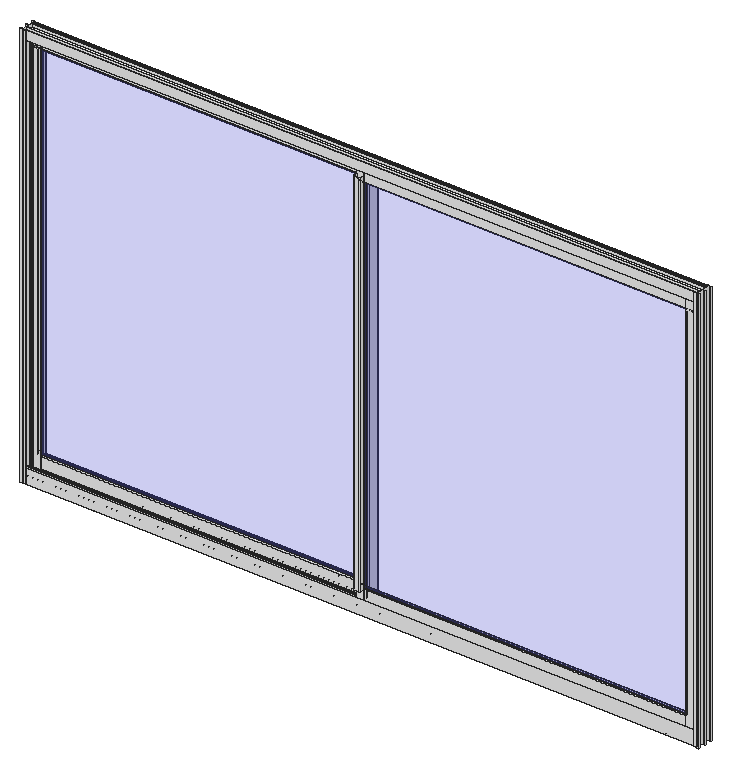
Revit family "Elite_XX_Standard", category Windows, host Wall, Revit 2014 (continued)
Definition of nested family "Elite_Sash_Outer"
  Definition of nested family "Elite_Lock_Stile"
    Automatic sketch dimensions
      Extrusion 1 sketch curve to Extrusion 1 sketch curve = 1.5 mm  (x6)
      Extrusion 1 sketch curve to plane 1 "Center (Front/Back)" = 2.4 mm
      Extrusion 1 sketch curve to Extrusion 1 sketch curve = 19 mm
      Extrusion 1 sketch curve to Extrusion 1 sketch curve = 2 mm
      Extrusion 1 sketch curve to Extrusion 1 sketch curve = 1.2 mm  (x6)
      Extrusion 1 sketch curve to plane 1 "Center (Front/Back)" = 1.2 mm  (x2)
      Extrusion 1 sketch curve to Extrusion 1 sketch curve = 5.2 mm  (x2)
      Extrusion 1 sketch curve to Extrusion 1 sketch curve = 3 mm
      Extrusion 1 sketch curve to Extrusion 1 sketch curve = 20 mm
      Extrusion 1 sketch curve to Extrusion 1 sketch curve = 7 mm  (x2)
      Extrusion 1 sketch curve to Extrusion 1 sketch curve = 4.5 mm  (x2)
      Extrusion 1 sketch curve to Extrusion 1 sketch curve = 0.8 mm  (x2)
  Definition of nested family "Elite_Interlocker"
    Parameters (values of type "Elite_Interlocker")
      Rail Cut Width = 13 mm  # constant formula
      Rail Cut Side Spacing = 5 mm  # constant formula
      Rail Cut Height = 26 mm  # constant formula
      Profile Material [instance] = none
      Length Interlocker [instance] = 250 mm
      Large Cut Height = 55 mm  # constant formula
    Reference planes
      plane 1 "Center (Front/Back)": y = 0
      plane 2: z = 0
      plane 3 "Center (Left/Right)": x = 0
    Forms (mm)
      Extrusion 1, solid, material <- "Profile Material"
        sketch origin (0, 0, 0) x (1, 0, 0) y (0, 1, 0)
          loop
            line (6.916, 36.467) -> (6.916, 6.667) -> (39.416, 6.667) -> (39.416, 9.551) -> (38.416, 9.551) -> (38.416, 8.167) -> (37.116, 8.167) -> (37.116, 9.551) -> (36.116, 9.551) -> (36.116, 8.167) -> (32.916, 8.167) -> (32.916, 15.167) -> (36.116, 15.167) -> (36.116, 13.78) -> (37.116, 13.78) -> (37.116, 15.167) -> (38.416, 15.167) -> (38.416, 13.78) -> (39.416, 13.78) -> (39.416, 25.167)
            arc (39.416, 25.167) -> (38.973, 25.663) -> (38.429, 25.28) r 0.5
            line (38.429, 25.28) -> (36.426, 16.667) -> (32.916, 16.667) -> (32.916, 36.467) -> (31.416, 36.467) -> (31.416, 35.667) -> (24.916, 35.667) -> (24.916, 29.667) -> (26.416, 29.667) -> (26.416, 34.167) -> (31.416, 34.167) -> (31.416, 22.667) -> (19.916, 22.667) -> (8.416, 22.667) -> (8.416, 34.167) -> (13.416, 34.167) -> (13.416, 29.667) -> (14.916, 29.667) -> (14.916, 35.667) -> (8.416, 35.667) -> (8.416, 36.467) -> (6.916, 36.467)
          loop
            line (8.416, 21.167) -> (8.416, 8.167) -> (31.416, 8.167) -> (31.416, 21.167) -> (19.916, 21.167) -> (8.416, 21.167)
        from 0 to 250 <- "Length Interlocker"
      Extrusion 2, void
        sketch origin (14.616, 35.667, 0) x (1, 0, 0) y (0, 0, 1)
          loop
            line (11.8, 250) -> (-1.2, 250) -> (-1.2, 224) -> (11.8, 224) -> (11.8, 250)
          loop
            line (-1.2, 0) -> (11.8, 0) -> (11.8, 26) -> (-1.2, 26) -> (-1.2, 0)
        from 0 to 250
      Extrusion 3, void
        sketch origin (31.316, 35.667, 0) x (1, 0, 0) y (0, 0, 1)
          loop
            line (0.1, 250) -> (-22.9, 250) -> (-22.9, 195) -> (0.1, 195) -> (0.1, 250)
          loop
            line (-22.9, 0) -> (0.1, 0) -> (0.1, 55) -> (-22.9, 55) -> (-22.9, 0)
        from 0 to 25
    Cuts and joins
      Extrusion 2, Extrusion 3 cuts Extrusion 1
    Dimensions and locks
      "Rail Cut Width": Extrusion 2 sketch curve to Extrusion 2 sketch curve  (x2)
      "Rail Cut Side Spacing": Extrusion 2 sketch curve to Extrusion 1  (x2)
      "Rail Cut Height": Extrusion 2 sketch curve to Extrusion 2 sketch curve  (x2)
      "Large Cut Height": Extrusion 3 sketch curve to Extrusion 3 sketch curve  (x2)
      aligned and locked: level to plane 2
      aligned and locked: Extrusion 1 to Extrusion 2 sketch curve  (x2)
      aligned and locked: Extrusion 3 sketch curve to cut or joined group of Extrusion 1, Extrusion 2, Extrusion 3  (x4)
      aligned and locked: cut or joined group of Extrusion 1, Extrusion 2, Extrusion 3 to Extrusion 3 sketch curve  (x2)
    Automatic sketch dimensions
      plane 3 "Center (Left/Right)" to Extrusion 1 sketch curve = 6.916 mm
      plane 3 "Center (Left/Right)" to Extrusion 1 sketch curve = 8.416 mm
      Extrusion 1 sketch curve to Extrusion 1 sketch curve = 1.5 mm  (x11)
      Extrusion 1 sketch curve to Extrusion 1 sketch curve = 0 mm  (x6)
      Extrusion 1 sketch curve to Extrusion 1 sketch curve = 5 mm  (x4)
      Extrusion 1 sketch curve to Extrusion 1 sketch curve = 3.2 mm  (x2)
      Extrusion 1 sketch curve to Extrusion 1 sketch curve = 0.31 mm
      Extrusion 1 sketch curve to Extrusion 1 sketch curve = 1 mm  (x4)
      Extrusion 1 sketch curve to Extrusion 1 sketch curve = 1.3 mm  (x2)
      Extrusion 1 sketch curve to Extrusion 1 sketch curve = 7.013 mm
      Extrusion 1 sketch curve to Extrusion 1 sketch curve = 0.487 mm
      Extrusion 1 sketch curve to plane 1 "Center (Front/Back)" = 6.667 mm
      Extrusion 1 sketch curve to Extrusion 1 sketch curve = 1.384 mm  (x2)
      Extrusion 1 sketch curve to Extrusion 1 sketch curve = 4.229 mm
      Extrusion 1 sketch curve to Extrusion 1 sketch curve = 1.387 mm  (x2)
      Extrusion 1 sketch curve to Extrusion 1 sketch curve = 13 mm
      Extrusion 1 sketch curve to Extrusion 1 sketch curve = 2.5 mm
      Extrusion 1 sketch curve to Extrusion 1 sketch curve = 7 mm  (x2)
      Extrusion 1 sketch curve to Extrusion 1 sketch curve = 4.5 mm  (x2)
      Extrusion 1 sketch curve to Extrusion 1 sketch curve = 0.8 mm  (x2)
  Definition of nested family "Elite_Sash_Top"
    Parameters (values of type "Elite_Sash_Top")
      Profile Material [instance] = none
      Length Sash Top [instance] = 250 mm
    Reference planes
      plane 1 "Center (Front/Back)": y = 0
      plane 2: z = 0
      plane 3 "Center (Left/Right)": x = 0
    Forms (mm)
      Extrusion 1, solid, material <- "Profile Material"
        sketch origin (0, -88.953, -123.01) x (0, 1, 0) y (0, 0, 1)
          loop
            line (92.953, 217.01) -> (95.303, 217.01) -> (95.303, 223.01) -> (93.853, 223.01) -> (93.853, 218.46) -> (92.953, 218.46)
            arc (92.953, 218.46) -> (91.15, 219.207) -> (90.403, 221.01) r 2.55
            line (90.403, 221.01) -> (90.403, 230.06) -> (110.203, 230.06) -> (110.203, 221.01)
            arc (110.203, 221.01) -> (109.456, 219.207) -> (107.653, 218.46) r 2.55
            line (107.653, 218.46) -> (106.753, 218.46) -> (106.753, 223.01) -> (105.303, 223.01) -> (105.303, 217.01) -> (107.653, 217.01)
            arc (107.653, 217.01) -> (110.482, 218.181) -> (111.653, 221.01) r 4
            line (111.653, 221.01) -> (111.653, 271.01) -> (107.403, 271.01) -> (107.403, 268.61) -> (108.603, 268.61) -> (108.603, 269.81) -> (110.203, 269.81) -> (110.203, 262.21) -> (108.603, 262.21) -> (108.603, 263.41) -> (107.403, 263.41) -> (107.403, 261.01) -> (110.203, 261.01) -> (110.203, 231.51) -> (90.403, 231.51) -> (90.403, 261.01) -> (93.203, 261.01) -> (93.203, 263.41) -> (92.003, 263.41) -> (92.003, 262.21) -> (90.403, 262.21) -> (90.403, 269.81) -> (92.003, 269.81) -> (92.003, 268.61) -> (93.203, 268.61) -> (93.203, 271.01) -> (88.953, 271.01) -> (88.953, 221.01)
            arc (88.953, 221.01) -> (90.125, 218.181) -> (92.953, 217.01) r 4
        from 0 to 250 <- "Length Sash Top"
    Dimensions and locks
      aligned and locked: level to plane 2
  Definition of nested family "Elite_Sash_Bottom"
    Parameters (values of type "Elite_Sash_Bottom")
      Profile Material [instance] = none
      Length Sash Bottom [instance] = 250 mm
    Reference planes
      plane 1 "Center (Front/Back)": y = 0
      plane 2: z = 0
      plane 3 "Center (Left/Right)": x = 0
    Forms (mm)
      Extrusion 1, solid, material <- "Profile Material"
        sketch origin (0, -88.953, -123.01) x (0, 1, 0) y (0, 0, 1)
          loop
            arc (92.953, 177.01) -> (90.125, 175.838) -> (88.953, 173.01) r 4
            line (88.953, 173.01) -> (88.953, 123.01) -> (93.203, 123.01) -> (93.203, 125.41) -> (92.003, 125.41) -> (92.003, 124.21) -> (90.403, 124.21) -> (90.403, 131.81) -> (92.003, 131.81) -> (92.003, 130.61) -> (93.203, 130.61) -> (93.203, 133.01) -> (90.403, 133.01) -> (90.403, 162.51) -> (110.203, 162.51) -> (110.203, 133.01) -> (107.403, 133.01) -> (107.403, 130.61) -> (108.603, 130.61) -> (108.603, 131.81) -> (110.203, 131.81) -> (110.203, 124.21) -> (108.603, 124.21) -> (108.603, 125.41) -> (107.403, 125.41) -> (107.403, 123.01) -> (111.653, 123.01) -> (111.653, 173.01)
            arc (111.653, 173.01) -> (110.482, 175.838) -> (107.653, 177.01) r 4
            line (107.653, 177.01) -> (105.303, 177.01) -> (105.303, 171.01) -> (106.753, 171.01) -> (106.753, 175.56) -> (107.653, 175.56)
            arc (107.653, 175.56) -> (109.456, 174.813) -> (110.203, 173.01) r 2.55
            line (110.203, 173.01) -> (110.203, 163.96) -> (90.403, 163.96) -> (90.403, 173.01)
            arc (90.403, 173.01) -> (91.15, 174.813) -> (92.953, 175.56) r 2.55
            line (92.953, 175.56) -> (93.853, 175.56) -> (93.853, 171.01) -> (95.303, 171.01) -> (95.303, 177.01) -> (92.953, 177.01)
        from 0 to 250 <- "Length Sash Bottom"
    Dimensions and locks
      aligned and locked: level to plane 2
  Definition of nested family "Elite_Heavy_Duty_Interlocker_Outside"
    Parameters (values of type "Elite_Heavy_Duty_Interlocker_Outside")
      Side Cut Width = 20 mm  # constant formula
      Side Cut Height Top = 26 mm  # constant formula
      Profile Material [instance] = none
      Length Heavy Duty Interlocker [instance] = 250 mm
      Large Cut Height = 55 mm  # constant formula
      Cut Width = 13 mm  # constant formula
      Cut Side Spacing = 5 mm  # constant formula
      Cut Height = 26 mm  # constant formula
    Reference planes
      plane 1 "Center (Front/Back)": y = 0
      plane 2: z = 0
      plane 3 "Center (Left/Right)": x = 0
    Forms (mm)
      Extrusion 1, solid, material <- "Profile Material"
        sketch origin (0, 0, 0) x (1, 0, 0) y (0, 1, 0)
          loop
            arc (4, 27.5) -> (2.232, 26.768) -> (1.5, 25) r 2.5
            line (1.5, 25) -> (1.5, 4)
            arc (1.5, 4) -> (2.232, 2.232) -> (4, 1.5) r 2.5
            line (4, 1.5) -> (20, 1.5) -> (20, 27.5) -> (4, 27.5)
          loop
            line (21.5, 14.5) -> (21.5, 1.5) -> (33, 1.5) -> (44.5, 1.5) -> (44.5, 14.5) -> (33, 14.5) -> (21.5, 14.5)
          loop
            line (46, 10) -> (46, 29.8) -> (44.5, 29.8) -> (44.5, 29) -> (38, 29) -> (38, 23) -> (39.5, 23) -> (39.5, 27.5) -> (44.5, 27.5) -> (44.5, 16) -> (33, 16) -> (21.5, 16) -> (21.5, 27.5) -> (26.5, 27.5) -> (26.5, 23) -> (28, 23) -> (28, 29) -> (21.5, 29) -> (21.5, 29.8) -> (20, 29.8) -> (20, 29) -> (4, 29)
            arc (4, 29) -> (1.172, 27.828) -> (0, 25) r 4
            line (0, 25) -> (0, 4)
            arc (0, 4) -> (1.172, 1.172) -> (4, 0) r 4
            line (4, 0) -> (52.5, 0) -> (52.5, 2.866) -> (51.5, 2.866) -> (51.5, 1.5) -> (50.2, 1.5) -> (50.2, 2.866) -> (49.2, 2.866) -> (49.2, 1.5) -> (46, 1.5) -> (46, 8.5) -> (49.2, 8.5) -> (49.2, 7.121) -> (50.2, 7.121) -> (50.2, 8.5) -> (51.5, 8.5) -> (51.5, 7.121) -> (52.5, 7.121) -> (52.5, 18.5)
            arc (52.5, 18.5) -> (52.057, 18.997) -> (51.513, 18.613) r 0.5
            line (51.513, 18.613) -> (49.51, 10) -> (46, 10)
        from 0 to 250 <- "Length Heavy Duty Interlocker"
      Extrusion 2, void
        sketch origin (44.4, 29, 0) x (1, 0, 0) y (0, 0, 1)
          loop
            line (-4.9, 250) -> (-17.9, 250) -> (-17.9, 224) -> (-4.9, 224) -> (-4.9, 250)
          loop
            line (-4.9, 0) -> (-4.9, 26) -> (-17.9, 26) -> (-17.9, 0) -> (-4.9, 0)
        from 0 to 250
      Extrusion 3, void
        sketch origin (44.4, 29, 0) x (1, 0, 0) y (0, 0, 1)
          loop
            line (0.1, 250) -> (-22.9, 250) -> (-22.9, 195) -> (0.1, 195) -> (0.1, 250)
          loop
            line (0.1, 0) -> (0.1, 55) -> (-22.9, 55) -> (-22.9, 0) -> (0.1, 0)
        from 0 to 25
      Extrusion 4, void
        sketch origin (19.7, 29, 0) x (1, 0, 0) y (0, 0, 1)
          loop
            line (0.3, 250) -> (-19.7, 250) -> (-19.7, 224) -> (0.3, 224) -> (0.3, 250)
        from 0 to 250
    Cuts and joins
      Extrusion 2, Extrusion 3, Extrusion 4 cuts Extrusion 1
    Dimensions and locks
      "Cut Width": Extrusion 2 sketch curve to Extrusion 2 sketch curve  (x2)
      "Cut Side Spacing": Extrusion 2 sketch curve to Extrusion 1  (x2)
      "Cut Height": Extrusion 2 sketch curve to Extrusion 2 sketch curve  (x2)
      "Large Cut Height": Extrusion 3 sketch curve to Extrusion 3 sketch curve  (x2)
      "Side Cut Width": Extrusion 4 sketch curve to Extrusion 4 sketch curve
      "Side Cut Height Top": Extrusion 4 sketch curve to Extrusion 4 sketch curve
      aligned and locked: level to plane 2
      aligned and locked: Extrusion 2 sketch curve to Extrusion 1
      aligned and locked: Extrusion 1 to Extrusion 2 sketch curve
      aligned and locked: cut or joined group of Extrusion 1, Extrusion 2, Extrusion 3, Extrusion 4 to Extrusion 3 sketch curve  (x2)
      aligned and locked: Extrusion 3 sketch curve to cut or joined group of Extrusion 1, Extrusion 2, Extrusion 3, Extrusion 4  (x4)
      aligned and locked: Extrusion 4 sketch curve to cut or joined group of Extrusion 1, Extrusion 2, Extrusion 3, Extrusion 4
      aligned and locked: cut or joined group of Extrusion 1, Extrusion 2, Extrusion 3, Extrusion 4 to Extrusion 4 sketch curve
    Automatic sketch dimensions
      Extrusion 1 sketch curve to Extrusion 1 sketch curve = 0 mm  (x11)
      Extrusion 1 sketch curve to plane 3 "Center (Left/Right)" = 0 mm
      plane 1 "Center (Front/Back)" to Extrusion 1 sketch curve = 0 mm
      plane 3 "Center (Left/Right)" to Extrusion 1 sketch curve = 1.5 mm
      Extrusion 1 sketch curve to Extrusion 1 sketch curve = 2.5 mm  (x3)
      Extrusion 1 sketch curve to Extrusion 1 sketch curve = 16 mm
      Extrusion 1 sketch curve to Extrusion 1 sketch curve = 1.5 mm  (x10)
      Extrusion 1 sketch curve to Extrusion 1 sketch curve = 5 mm  (x3)
      Extrusion 1 sketch curve to plane 1 "Center (Front/Back)" = 1.5 mm  (x3)
      Extrusion 1 sketch curve to Extrusion 1 sketch curve = 11.5 mm  (x2)
      Extrusion 1 sketch curve to Extrusion 1 sketch curve = 10 mm
      Extrusion 1 sketch curve to Extrusion 1 sketch curve = 3.2 mm  (x2)
      Extrusion 1 sketch curve to plane 1 "Center (Front/Back)" = 10 mm
      Extrusion 1 sketch curve to Extrusion 1 sketch curve = 0.31 mm
      Extrusion 1 sketch curve to Extrusion 1 sketch curve = 1 mm  (x4)
      Extrusion 1 sketch curve to Extrusion 1 sketch curve = 1.3 mm  (x2)
      Extrusion 1 sketch curve to Extrusion 1 sketch curve = 7.013 mm
      Extrusion 1 sketch curve to Extrusion 1 sketch curve = 0.487 mm
      Extrusion 1 sketch curve to Extrusion 1 sketch curve = 1.366 mm
      Extrusion 1 sketch curve to Extrusion 1 sketch curve = 2.879 mm
      Extrusion 1 sketch curve to Extrusion 1 sketch curve = 4.5 mm  (x3)
      Extrusion 1 sketch curve to Extrusion 1 sketch curve = 7 mm  (x2)
      Extrusion 1 sketch curve to Extrusion 1 sketch curve = 9 mm
      Extrusion 1 sketch curve to Extrusion 1 sketch curve = 0.8 mm  (x2)
Types (109, lengths in mm): name | Windload Design | Width Sash Right | Width Sash Left | Standard Interlocker | Sash Width Right | Sash Width Left | Sash Height | Overall Width | Overall Height | Outside Heavy Duty Interlocker | Max Pane Area | Limit Window Width Max | Limit Sash Width Left Min | Limit Sash Width Left Max | Interlocker Configuration | Height Sash | Height | Inside Heavy Duty Interlocker | Glazing Thickness | Width | Custom Window Width | Custom Window Height | Custom Windload | Area Right Sash Glazing | Area Left Sash Glazing
  (no name) | 1000 | 1497.9 | 1497.9 | no | 1497.9 | 1497.9 | 1707 | 2990 | 1790 | yes | 2.31898 m² | 2994.2 | 1495.8 | 1500 | 2 | 1707 | 1790 | yes | 6.4 | 2990 | 2990 | 1790 | 1000 | 2.31898 m² | 2.31898 m²
  Elite-0906XX-1000Pa | 1000 | 447.9 | 447.9 | yes | 447.9 | 447.9 | 507 | 890 | 590 | no | 0.160149 m² | 2994.2 | 300 | 595.8 | 0 | 507 | 590 | no | 4 | 890 | 890 | 590 | 1000 | 0.160149 m² | 0.160149 m²
  Elite-0906XX-1500Pa | 1500 | 447.9 | 447.9 | yes | 447.9 | 447.9 | 507 | 890 | 590 | no | 0.160149 m² | 2994.2 | 300 | 595.8 | 0 | 507 | 590 | no | 4 | 890 | 890 | 590 | 1500 | 0.160149 m² | 0.160149 m²
  Elite-0906XX-2000Pa | 2000 | 447.9 | 447.9 | yes | 447.9 | 447.9 | 507 | 890 | 590 | no | 0.160149 m² | 2994.2 | 300 | 595.8 | 0 | 507 | 590 | no | 4 | 890 | 890 | 590 | 2000 | 0.160149 m² | 0.160149 m²
  Elite-1206XX-1000Pa | 1000 | 447.9 | 447.9 | yes | 597.9 | 597.9 | 507 | 890 | 590 | no | 0.222399 m² | 2994.2 | 300 | 895.8 | 0 | 507 | 590 | no | 4 | 1190 | 1190 | 590 | 1000 | 0.222399 m² | 0.222399 m²
  Elite-1206XX-1500Pa | 1500 | 447.9 | 447.9 | yes | 597.9 | 597.9 | 507 | 890 | 590 | no | 0.222399 m² | 2994.2 | 300 | 895.8 | 0 | 507 | 590 | no | 4 | 1190 | 1190 | 590 | 1500 | 0.222399 m² | 0.222399 m²
  Elite-1206XX-2000Pa | 2000 | 447.9 | 447.9 | yes | 597.9 | 597.9 | 507 | 890 | 590 | no | 0.222399 m² | 2994.2 | 300 | 895.8 | 0 | 507 | 590 | no | 4 | 1190 | 1190 | 590 | 2000 | 0.222399 m² | 0.222399 m²
  Elite-1506XX-1000Pa | 1000 | 447.9 | 447.9 | yes | 747.9 | 747.9 | 507 | 890 | 590 | no | 0.284649 m² | 2994.2 | 300 | 1195.8 | 0 | 507 | 590 | no | 4 | 1490 | 1490 | 590 | 1000 | 0.284649 m² | 0.284649 m²
  Elite-1506XX-1500Pa | 1500 | 447.9 | 447.9 | yes | 747.9 | 747.9 | 507 | 890 | 590 | no | 0.284649 m² | 2994.2 | 300 | 1195.8 | 0 | 507 | 590 | no | 4 | 1490 | 1490 | 590 | 1500 | 0.284649 m² | 0.284649 m²
  Elite-1506XX-2000Pa | 2000 | 447.9 | 447.9 | yes | 747.9 | 747.9 | 507 | 890 | 590 | no | 0.284649 m² | 2994.2 | 300 | 1195.8 | 0 | 507 | 590 | no | 4 | 1490 | 1490 | 590 | 2000 | 0.284649 m² | 0.284649 m²
  Elite-1806XX-1000Pa | 1000 | 447.9 | 447.9 | yes | 897.9 | 897.9 | 507 | 890 | 590 | no | 0.346899 m² | 2994.2 | 300 | 1495.8 | 0 | 507 | 590 | no | 4 | 1790 | 1790 | 590 | 1000 | 0.346899 m² | 0.346899 m²
  Elite-1806XX-1500Pa | 1500 | 447.9 | 447.9 | yes | 897.9 | 897.9 | 507 | 890 | 590 | no | 0.346899 m² | 2994.2 | 300 | 1495.8 | 0 | 507 | 590 | no | 4 | 1790 | 1790 | 590 | 1500 | 0.346899 m² | 0.346899 m²
  Elite-1806XX-2000Pa | 2000 | 447.9 | 447.9 | yes | 897.9 | 897.9 | 507 | 890 | 590 | no | 0.346899 m² | 2994.2 | 300 | 1495.8 | 0 | 507 | 590 | no | 4 | 1790 | 1790 | 590 | 2000 | 0.346899 m² | 0.346899 m²
  Elite-2106XX-1000Pa | 1000 | 447.9 | 447.9 | yes | 1047.9 | 1047.9 | 507 | 890 | 590 | no | 0.409149 m² | 2994.2 | 595.8 | 1500 | 0 | 507 | 590 | no | 4 | 2090 | 2090 | 590 | 1000 | 0.409149 m² | 0.409149 m²
  Elite-2106XX-1500Pa | 1500 | 447.9 | 447.9 | yes | 1047.9 | 1047.9 | 507 | 890 | 590 | no | 0.409149 m² | 2994.2 | 595.8 | 1500 | 0 | 507 | 590 | no | 4 | 2090 | 2090 | 590 | 1500 | 0.409149 m² | 0.409149 m²
  Elite-2106XX-2000Pa | 2000 | 447.9 | 447.9 | yes | 1047.9 | 1047.9 | 507 | 890 | 590 | no | 0.409149 m² | 2994.2 | 595.8 | 1500 | 0 | 507 | 590 | no | 4 | 2090 | 2090 | 590 | 2000 | 0.409149 m² | 0.409149 m²
  Elite-2406XX-1000Pa | 1000 | 447.9 | 447.9 | yes | 1197.9 | 1197.9 | 507 | 890 | 590 | no | 0.471399 m² | 2994.2 | 895.8 | 1500 | 0 | 507 | 590 | no | 4 | 2390 | 2390 | 590 | 1000 | 0.471399 m² | 0.471399 m²
  Elite-2406XX-1500Pa | 1500 | 447.9 | 447.9 | yes | 1197.9 | 1197.9 | 507 | 890 | 590 | no | 0.471399 m² | 2994.2 | 895.8 | 1500 | 0 | 507 | 590 | no | 4 | 2390 | 2390 | 590 | 1500 | 0.471399 m² | 0.471399 m²
  Elite-2406XX-2000Pa | 2000 | 447.9 | 447.9 | yes | 1197.9 | 1197.9 | 507 | 890 | 590 | no | 0.471399 m² | 2994.2 | 895.8 | 1500 | 0 | 507 | 590 | no | 4 | 2390 | 2390 | 590 | 2000 | 0.471399 m² | 0.471399 m²
  Elite-2706XX-1000Pa | 1000 | 447.9 | 447.9 | yes | 1347.9 | 1347.9 | 507 | 890 | 590 | no | 0.533649 m² | 2994.2 | 1195.8 | 1500 | 0 | 507 | 590 | no | 4 | 2690 | 2690 | 590 | 1000 | 0.533649 m² | 0.533649 m²
  Elite-2706XX-1500Pa | 1500 | 447.9 | 447.9 | yes | 1347.9 | 1347.9 | 507 | 890 | 590 | no | 0.533649 m² | 2994.2 | 1195.8 | 1500 | 0 | 507 | 590 | no | 4 | 2690 | 2690 | 590 | 1500 | 0.533649 m² | 0.533649 m²
  Elite-2706XX-2000Pa | 2000 | 447.9 | 447.9 | yes | 1347.9 | 1347.9 | 507 | 890 | 590 | no | 0.533649 m² | 2994.2 | 1195.8 | 1500 | 0 | 507 | 590 | no | 4 | 2690 | 2690 | 590 | 2000 | 0.533649 m² | 0.533649 m²
  Elite-3006XX-1000Pa | 1000 | 447.9 | 447.9 | yes | 1497.9 | 1497.9 | 507 | 890 | 590 | no | 0.595899 m² | 2994.2 | 1495.8 | 1500 | 0 | 507 | 590 | no | 4 | 2990 | 2990 | 590 | 1000 | 0.595899 m² | 0.595899 m²
  Elite-3006XX-1500Pa | 1500 | 447.9 | 447.9 | yes | 1497.9 | 1497.9 | 507 | 890 | 590 | no | 0.595899 m² | 2994.2 | 1495.8 | 1500 | 0 | 507 | 590 | no | 4 | 2990 | 2990 | 590 | 1500 | 0.595899 m² | 0.595899 m²
  Elite-3006XX-2000Pa | 2000 | 1497.9 | 1497.9 | yes | 1497.9 | 1497.9 | 507 | 2990 | 590 | no | 0.595899 m² | 2994.2 | 1495.8 | 1500 | 0 | 507 | 590 | no | 4 | 2990 | 2990 | 590 | 2000 | 0.595899 m² | 0.595899 m²
  Elite-0909XX-1000Pa | 1000 | 447.9 | 447.9 | yes | 447.9 | 447.9 | 807 | 890 | 590 | no | 0.275918 m² | 2994.2 | 300 | 595.8 | 0 | 507 | 890 | no | 4 | 890 | 890 | 890 | 1000 | 0.275918 m² | 0.275918 m²
  Elite-0909XX-1500Pa | 1500 | 447.9 | 447.9 | yes | 447.9 | 447.9 | 807 | 890 | 590 | no | 0.275918 m² | 2994.2 | 300 | 595.8 | 0 | 507 | 890 | no | 4 | 890 | 890 | 890 | 1500 | 0.275918 m² | 0.275918 m²
  Elite-0909XX-2000Pa | 2000 | 447.9 | 447.9 | yes | 447.9 | 447.9 | 807 | 890 | 590 | no | 0.275918 m² | 2994.2 | 300 | 595.8 | 0 | 507 | 890 | no | 4 | 890 | 890 | 890 | 2000 | 0.275918 m² | 0.275918 m²
  Elite-1209XX-1000Pa | 1000 | 447.9 | 447.9 | yes | 597.9 | 597.9 | 807 | 890 | 590 | no | 0.383168 m² | 2994.2 | 300 | 895.8 | 0 | 507 | 890 | no | 4 | 1190 | 1190 | 890 | 1000 | 0.383168 m² | 0.383168 m²
  Elite-1209XX-1500Pa | 1500 | 447.9 | 447.9 | yes | 597.9 | 597.9 | 807 | 890 | 590 | no | 0.383168 m² | 2994.2 | 300 | 895.8 | 0 | 507 | 890 | no | 4 | 1190 | 1190 | 890 | 1500 | 0.383168 m² | 0.383168 m²
  Elite-1209XX-2000Pa | 2000 | 447.9 | 447.9 | yes | 597.9 | 597.9 | 807 | 890 | 590 | no | 0.383168 m² | 2994.2 | 300 | 895.8 | 0 | 507 | 890 | no | 4 | 1190 | 1190 | 890 | 2000 | 0.383168 m² | 0.383168 m²
  Elite-1509XX-1000Pa | 1000 | 447.9 | 447.9 | yes | 747.9 | 747.9 | 807 | 890 | 590 | no | 0.490418 m² | 2994.2 | 300 | 1195.8 | 0 | 507 | 890 | no | 4 | 1490 | 1490 | 890 | 1000 | 0.490418 m² | 0.490418 m²
  Elite-1509XX-1500Pa | 1500 | 447.9 | 447.9 | yes | 747.9 | 747.9 | 807 | 890 | 590 | no | 0.490418 m² | 2994.2 | 300 | 1195.8 | 0 | 507 | 890 | no | 4 | 1490 | 1490 | 890 | 1500 | 0.490418 m² | 0.490418 m²
  Elite-1509XX-2000Pa | 2000 | 447.9 | 447.9 | yes | 747.9 | 747.9 | 807 | 890 | 590 | no | 0.490418 m² | 2994.2 | 300 | 1195.8 | 0 | 507 | 890 | no | 4 | 1490 | 1490 | 890 | 2000 | 0.490418 m² | 0.490418 m²
  Elite-1809XX-1000Pa | 1000 | 447.9 | 447.9 | yes | 897.9 | 897.9 | 807 | 890 | 590 | no | 0.597668 m² | 2994.2 | 300 | 1495.8 | 0 | 507 | 890 | no | 4 | 1790 | 1790 | 890 | 1000 | 0.597668 m² | 0.597668 m²
  Elite-1809XX-1500Pa | 1500 | 447.9 | 447.9 | yes | 897.9 | 897.9 | 807 | 890 | 590 | no | 0.597668 m² | 2994.2 | 300 | 1495.8 | 0 | 507 | 890 | no | 4 | 1790 | 1790 | 890 | 1500 | 0.597668 m² | 0.597668 m²
  Elite-1809XX-2000Pa | 2000 | 447.9 | 447.9 | yes | 897.9 | 897.9 | 807 | 890 | 590 | no | 0.597668 m² | 2994.2 | 300 | 1495.8 | 0 | 507 | 890 | no | 4 | 1790 | 1790 | 890 | 2000 | 0.597668 m² | 0.597668 m²
  Elite-2109XX-1000Pa | 1000 | 447.9 | 447.9 | yes | 1047.9 | 1047.9 | 807 | 890 | 590 | no | 0.704918 m² | 2994.2 | 595.8 | 1500 | 0 | 507 | 890 | no | 4 | 2090 | 2090 | 890 | 1000 | 0.704918 m² | 0.704918 m²
  Elite-2109XX-1500Pa | 1500 | 447.9 | 447.9 | yes | 1047.9 | 1047.9 | 807 | 890 | 590 | no | 0.704918 m² | 2994.2 | 595.8 | 1500 | 0 | 507 | 890 | no | 4 | 2090 | 2090 | 890 | 1500 | 0.704918 m² | 0.704918 m²
  Elite-2109XX-2000Pa | 2000 | 447.9 | 447.9 | yes | 1047.9 | 1047.9 | 807 | 890 | 590 | no | 0.704918 m² | 2994.2 | 595.8 | 1500 | 0 | 507 | 890 | no | 4 | 2090 | 2090 | 890 | 2000 | 0.704918 m² | 0.704918 m²
  Elite-2409XX-1000Pa | 1000 | 447.9 | 447.9 | yes | 1197.9 | 1197.9 | 807 | 890 | 590 | no | 0.812168 m² | 2994.2 | 895.8 | 1500 | 0 | 507 | 890 | no | 4 | 2390 | 2390 | 890 | 1000 | 0.812168 m² | 0.812168 m²
  Elite-2409XX-1500Pa | 1500 | 447.9 | 447.9 | yes | 1197.9 | 1197.9 | 807 | 890 | 590 | no | 0.812168 m² | 2994.2 | 895.8 | 1500 | 0 | 507 | 890 | no | 4 | 2390 | 2390 | 890 | 1500 | 0.812168 m² | 0.812168 m²
  Elite-2409XX-2000Pa | 2000 | 447.9 | 447.9 | yes | 1197.9 | 1197.9 | 807 | 890 | 590 | no | 0.812168 m² | 2994.2 | 895.8 | 1500 | 0 | 507 | 890 | no | 4 | 2390 | 2390 | 890 | 2000 | 0.812168 m² | 0.812168 m²
  Elite-2709XX-1000Pa | 1000 | 447.9 | 447.9 | yes | 1347.9 | 1347.9 | 807 | 890 | 590 | no | 0.919419 m² | 2994.2 | 1195.8 | 1500 | 0 | 507 | 890 | no | 4 | 2690 | 2690 | 890 | 1000 | 0.919418 m² | 0.919419 m²
  Elite-2709XX-1500Pa | 1500 | 447.9 | 447.9 | yes | 1347.9 | 1347.9 | 807 | 890 | 590 | no | 0.919419 m² | 2994.2 | 1195.8 | 1500 | 0 | 507 | 890 | no | 4 | 2690 | 2690 | 890 | 1500 | 0.919418 m² | 0.919419 m²
  Elite-2709XX-2000Pa | 2000 | 447.9 | 447.9 | yes | 1347.9 | 1347.9 | 807 | 890 | 590 | no | 0.919419 m² | 2994.2 | 1195.8 | 1500 | 0 | 507 | 890 | no | 4 | 2690 | 2690 | 890 | 2000 | 0.919418 m² | 0.919419 m²
  Elite-3009XX-1000Pa | 1000 | 447.9 | 447.9 | yes | 1497.9 | 1497.9 | 807 | 890 | 590 | no | 1.02667 m² | 2994.2 | 1495.8 | 1500 | 0 | 507 | 890 | no | 4 | 2990 | 2990 | 890 | 1000 | 1.02667 m² | 1.02667 m²
  Elite-3009XX-1500Pa | 1500 | 447.9 | 447.9 | yes | 1497.9 | 1497.9 | 807 | 890 | 590 | no | 1.02667 m² | 2994.2 | 1495.8 | 1500 | 0 | 507 | 890 | no | 4 | 2990 | 2990 | 890 | 1500 | 1.02667 m² | 1.02667 m²
  Elite-3009XX-2000Pa | 2000 | 1497.9 | 1497.9 | yes | 1497.9 | 1497.9 | 807 | 2990 | 890 | no | 1.02667 m² | 2994.2 | 1495.8 | 1500 | 0 | 807 | 890 | no | 4 | 2990 | 2990 | 890 | 2000 | 1.02667 m² | 1.02667 m²
  Elite-0912XX-1000Pa | 1000 | 447.9 | 447.9 | yes | 447.9 | 447.9 | 1107 | 890 | 590 | no | 0.391688 m² | 2994.2 | 300 | 595.8 | 0 | 507 | 1190 | no | 4 | 890 | 890 | 1190 | 1000 | 0.391688 m² | 0.391688 m²
  Elite-0912XX-1500Pa | 1500 | 447.9 | 447.9 | yes | 447.9 | 447.9 | 1107 | 890 | 590 | no | 0.391688 m² | 2994.2 | 300 | 595.8 | 0 | 507 | 1190 | no | 4 | 890 | 890 | 1190 | 1500 | 0.391688 m² | 0.391688 m²
  Elite-0912XX-2000Pa | 2000 | 447.9 | 447.9 | yes | 447.9 | 447.9 | 1107 | 890 | 590 | no | 0.391688 m² | 2994.2 | 300 | 595.8 | 0 | 507 | 1190 | no | 4 | 890 | 890 | 1190 | 2000 | 0.391688 m² | 0.391688 m²
  Elite-1212XX-1000Pa | 1000 | 447.9 | 447.9 | yes | 597.9 | 597.9 | 1107 | 890 | 590 | no | 0.543938 m² | 2994.2 | 300 | 895.8 | 0 | 507 | 1190 | no | 4 | 1190 | 1190 | 1190 | 1000 | 0.543938 m² | 0.543938 m²
  Elite-1212XX-1500Pa | 1500 | 447.9 | 447.9 | yes | 597.9 | 597.9 | 1107 | 890 | 590 | no | 0.543938 m² | 2994.2 | 300 | 895.8 | 0 | 507 | 1190 | no | 4 | 1190 | 1190 | 1190 | 1500 | 0.543938 m² | 0.543938 m²
  Elite-1212XX-2000Pa | 2000 | 447.9 | 447.9 | no | 597.9 | 597.9 | 1107 | 890 | 590 | no | 0.543938 m² | 2994.2 | 300 | 895.8 | 1 | 507 | 1190 | yes | 4 | 1190 | 1190 | 1190 | 2000 | 0.543938 m² | 0.543938 m²
  Elite-1512XX-1000Pa | 1000 | 447.9 | 447.9 | yes | 747.9 | 747.9 | 1107 | 890 | 590 | no | 0.696188 m² | 2994.2 | 300 | 1195.8 | 0 | 507 | 1190 | no | 4 | 1490 | 1490 | 1190 | 1000 | 0.696188 m² | 0.696188 m²
  Elite-1512XX-1500Pa | 1500 | 447.9 | 447.9 | no | 747.9 | 747.9 | 1107 | 890 | 590 | no | 0.696188 m² | 2994.2 | 300 | 1195.8 | 1 | 507 | 1190 | yes | 4 | 1490 | 1490 | 1190 | 1500 | 0.696188 m² | 0.696188 m²
  Elite-1512XX-2000Pa | 2000 | 447.9 | 447.9 | no | 747.9 | 747.9 | 1107 | 890 | 590 | no | 0.696188 m² | 2994.2 | 300 | 1195.8 | 1 | 507 | 1190 | yes | 4 | 1490 | 1490 | 1190 | 2000 | 0.696188 m² | 0.696188 m²
  Elite-1812XX-1000Pa | 1000 | 447.9 | 447.9 | yes | 897.9 | 897.9 | 1107 | 890 | 590 | no | 0.848438 m² | 2994.2 | 300 | 1495.8 | 0 | 507 | 1190 | no | 4 | 1790 | 1790 | 1190 | 1000 | 0.848438 m² | 0.848438 m²
  Elite-1812XX-1500Pa | 1500 | 447.9 | 447.9 | no | 897.9 | 897.9 | 1107 | 890 | 590 | no | 0.848438 m² | 2994.2 | 300 | 1495.8 | 1 | 507 | 1190 | yes | 4 | 1790 | 1790 | 1190 | 1500 | 0.848438 m² | 0.848438 m²
  Elite-1812XX-2000Pa | 2000 | 447.9 | 447.9 | no | 897.9 | 897.9 | 1107 | 890 | 590 | no | 0.848438 m² | 2994.2 | 300 | 1495.8 | 1 | 507 | 1190 | yes | 4 | 1790 | 1790 | 1190 | 2000 | 0.848438 m² | 0.848438 m²
  Elite-2112XX-1000Pa | 1000 | 447.9 | 447.9 | yes | 1047.9 | 1047.9 | 1107 | 890 | 590 | no | 1.00069 m² | 2994.2 | 595.8 | 1500 | 0 | 507 | 1190 | no | 4 | 2090 | 2090 | 1190 | 1000 | 1.00069 m² | 1.00069 m²
  Elite-2112XX-1500Pa | 1500 | 447.9 | 447.9 | no | 1047.9 | 1047.9 | 1107 | 890 | 590 | no | 1.00069 m² | 2994.2 | 595.8 | 1500 | 1 | 507 | 1190 | yes | 4 | 2090 | 2090 | 1190 | 1500 | 1.00069 m² | 1.00069 m²
  Elite-2112XX-2000Pa | 2000 | 447.9 | 447.9 | no | 1047.9 | 1047.9 | 1107 | 890 | 590 | no | 1.00069 m² | 2994.2 | 595.8 | 1500 | 1 | 507 | 1190 | yes | 4 | 2090 | 2090 | 1190 | 2000 | 1.00069 m² | 1.00069 m²
  Elite-2412XX-1000Pa | 1000 | 447.9 | 447.9 | yes | 1197.9 | 1197.9 | 1107 | 890 | 590 | no | 1.15294 m² | 2994.2 | 895.8 | 1500 | 0 | 507 | 1190 | no | 4 | 2390 | 2390 | 1190 | 1000 | 1.15294 m² | 1.15294 m²
  Elite-2412XX-1500Pa | 1500 | 447.9 | 447.9 | no | 1197.9 | 1197.9 | 1107 | 890 | 590 | no | 1.15294 m² | 2994.2 | 895.8 | 1500 | 1 | 507 | 1190 | yes | 4 | 2390 | 2390 | 1190 | 1500 | 1.15294 m² | 1.15294 m²
  Elite-2412XX-2000Pa | 2000 | 447.9 | 447.9 | no | 1197.9 | 1197.9 | 1107 | 890 | 590 | no | 1.15294 m² | 2994.2 | 895.8 | 1500 | 1 | 507 | 1190 | yes | 4 | 2390 | 2390 | 1190 | 2000 | 1.15294 m² | 1.15294 m²
  Elite-2712XX-1000Pa | 1000 | 447.9 | 447.9 | yes | 1347.9 | 1347.9 | 1107 | 890 | 590 | no | 1.30519 m² | 2994.2 | 1195.8 | 1500 | 0 | 507 | 1190 | no | 4 | 2690 | 2690 | 1190 | 1000 | 1.30519 m² | 1.30519 m²
  Elite-2712XX-1500Pa | 1500 | 447.9 | 447.9 | no | 1347.9 | 1347.9 | 1107 | 890 | 590 | no | 1.30519 m² | 2994.2 | 1195.8 | 1500 | 1 | 507 | 1190 | yes | 4 | 2690 | 2690 | 1190 | 1500 | 1.30519 m² | 1.30519 m²
  Elite-2712XX-2000Pa | 2000 | 447.9 | 447.9 | no | 1347.9 | 1347.9 | 1107 | 890 | 590 | no | 1.30519 m² | 2994.2 | 1195.8 | 1500 | 1 | 507 | 1190 | yes | 4 | 2690 | 2690 | 1190 | 2000 | 1.30519 m² | 1.30519 m²
  Elite-3012XX-1000Pa | 1000 | 447.9 | 447.9 | no | 1497.9 | 1497.9 | 1107 | 890 | 590 | no | 1.45744 m² | 2994.2 | 1495.8 | 1500 | 1 | 507 | 1190 | yes | 4 | 2990 | 2990 | 1190 | 1000 | 1.45744 m² | 1.45744 m²
  Elite-3012XX-1500Pa | 1500 | 447.9 | 447.9 | no | 1497.9 | 1497.9 | 1107 | 890 | 590 | no | 1.45744 m² | 2994.2 | 1495.8 | 1500 | 1 | 507 | 1190 | yes | 4 | 2990 | 2990 | 1190 | 1500 | 1.45744 m² | 1.45744 m²
  Elite-3012XX-2000Pa | 2000 | 1497.9 | 1497.9 | no | 1497.9 | 1497.9 | 1107 | 2990 | 1190 | no | 1.45744 m² | 2994.2 | 1495.8 | 1500 | 1 | 1107 | 1190 | yes | 4 | 2990 | 2990 | 1190 | 2000 | 1.45744 m² | 1.45744 m²
  Elite-0915XX-1000Pa | 1000 | 447.9 | 447.9 | yes | 447.9 | 447.9 | 1407 | 890 | 590 | no | 0.507459 m² | 2994.2 | 300 | 595.8 | 0 | 507 | 1490 | no | 4 | 890 | 890 | 1490 | 1000 | 0.507459 m² | 0.507459 m²
  Elite-0915XX-1500Pa | 1500 | 447.9 | 447.9 | no | 447.9 | 447.9 | 1407 | 890 | 590 | no | 0.507459 m² | 2994.2 | 300 | 595.8 | 1 | 507 | 1490 | yes | 4 | 890 | 890 | 1490 | 1500 | 0.507459 m² | 0.507459 m²
  Elite-0915XX-2000Pa | 2000 | 447.9 | 447.9 | no | 447.9 | 447.9 | 1407 | 890 | 590 | no | 0.507459 m² | 2994.2 | 300 | 595.8 | 1 | 507 | 1490 | yes | 4 | 890 | 890 | 1490 | 2000 | 0.507459 m² | 0.507459 m²
  Elite-1215XX-1000Pa | 1000 | 447.9 | 447.9 | no | 597.9 | 597.9 | 1407 | 890 | 590 | no | 0.704709 m² | 2994.2 | 300 | 895.8 | 1 | 507 | 1490 | yes | 4 | 1190 | 1190 | 1490 | 1000 | 0.704709 m² | 0.704709 m²
  Elite-1215XX-1500Pa | 1500 | 447.9 | 447.9 | no | 597.9 | 597.9 | 1407 | 890 | 590 | no | 0.704709 m² | 2994.2 | 300 | 895.8 | 1 | 507 | 1490 | yes | 4 | 1190 | 1190 | 1490 | 1500 | 0.704709 m² | 0.704709 m²
  Elite-1215XX-2000Pa | 2000 | 447.9 | 447.9 | no | 597.9 | 597.9 | 1407 | 890 | 590 | no | 0.704709 m² | 2994.2 | 300 | 895.8 | 1 | 507 | 1490 | yes | 4 | 1190 | 1190 | 1490 | 2000 | 0.704709 m² | 0.704709 m²
  Elite-1515XX-1000Pa | 1000 | 447.9 | 447.9 | no | 747.9 | 747.9 | 1407 | 890 | 590 | no | 0.901959 m² | 2994.2 | 300 | 1195.8 | 1 | 507 | 1490 | yes | 4 | 1490 | 1490 | 1490 | 1000 | 0.901959 m² | 0.901959 m²
  Elite-1515XX-1500Pa | 1500 | 447.9 | 447.9 | no | 747.9 | 747.9 | 1407 | 890 | 590 | no | 0.901959 m² | 2994.2 | 300 | 1195.8 | 1 | 507 | 1490 | yes | 4 | 1490 | 1490 | 1490 | 1500 | 0.901959 m² | 0.901959 m²
  Elite-1515XX-2000Pa | 2000 | 447.9 | 447.9 | no | 747.9 | 747.9 | 1407 | 890 | 590 | yes | 0.901959 m² | 2994.2 | 300 | 1195.8 | 2 | 507 | 1490 | yes | 4 | 1490 | 1490 | 1490 | 2000 | 0.901959 m² | 0.901959 m²
  Elite-1815XX-1000Pa | 1000 | 447.9 | 447.9 | no | 897.9 | 897.9 | 1407 | 890 | 590 | no | 1.09921 m² | 2994.2 | 300 | 1495.8 | 1 | 507 | 1490 | yes | 4 | 1790 | 1790 | 1490 | 1000 | 1.09921 m² | 1.09921 m²
  Elite-1815XX-1500Pa | 1500 | 447.9 | 447.9 | no | 897.9 | 897.9 | 1407 | 890 | 590 | no | 1.09921 m² | 2994.2 | 300 | 1495.8 | 1 | 507 | 1490 | yes | 4 | 1790 | 1790 | 1490 | 1500 | 1.09921 m² | 1.09921 m²
  Elite-1815XX-2000Pa | 2000 | 447.9 | 447.9 | no | 897.9 | 897.9 | 1407 | 890 | 590 | yes | 1.09921 m² | 2994.2 | 300 | 1495.8 | 2 | 507 | 1490 | yes | 4 | 1790 | 1790 | 1490 | 2000 | 1.09921 m² | 1.09921 m²
  Elite-2115XX-1000Pa | 1000 | 447.9 | 447.9 | no | 1047.9 | 1047.9 | 1407 | 890 | 590 | no | 1.29646 m² | 2994.2 | 595.8 | 1500 | 1 | 507 | 1490 | yes | 4 | 2090 | 2090 | 1490 | 1000 | 1.29646 m² | 1.29646 m²
  Elite-2115XX-1500Pa | 1500 | 447.9 | 447.9 | no | 1047.9 | 1047.9 | 1407 | 890 | 590 | yes | 1.29646 m² | 2994.2 | 595.8 | 1500 | 2 | 507 | 1490 | yes | 4 | 2090 | 2090 | 1490 | 1500 | 1.29646 m² | 1.29646 m²
  Elite-2115XX-2000Pa | 2000 | 447.9 | 447.9 | no | 1047.9 | 1047.9 | 1407 | 890 | 590 | yes | 1.29646 m² | 2994.2 | 595.8 | 1500 | 2 | 507 | 1490 | yes | 4 | 2090 | 2090 | 1490 | 2000 | 1.29646 m² | 1.29646 m²
  Elite-2415XX-1000Pa | 1000 | 447.9 | 447.9 | no | 1197.9 | 1197.9 | 1407 | 890 | 590 | no | 1.49371 m² | 2994.2 | 895.8 | 1500 | 1 | 507 | 1490 | yes | 4 | 2390 | 2390 | 1490 | 1000 | 1.49371 m² | 1.49371 m²
  Elite-2415XX-1500Pa | 1500 | 447.9 | 447.9 | no | 1197.9 | 1197.9 | 1407 | 890 | 590 | yes | 1.49371 m² | 2994.2 | 895.8 | 1500 | 2 | 507 | 1490 | yes | 4 | 2390 | 2390 | 1490 | 1500 | 1.49371 m² | 1.49371 m²
  Elite-2415XX-2000Pa | 2000 | 447.9 | 447.9 | no | 1197.9 | 1197.9 | 1407 | 890 | 590 | yes | 1.49371 m² | 2994.2 | 895.8 | 1500 | 2 | 507 | 1490 | yes | 4 | 2390 | 2390 | 1490 | 2000 | 1.49371 m² | 1.49371 m²
  Elite-2715XX-1000Pa | 1000 | 447.9 | 447.9 | no | 1347.9 | 1347.9 | 1407 | 890 | 590 | no | 1.69096 m² | 2994.2 | 1195.8 | 1500 | 1 | 507 | 1490 | yes | 5 | 2690 | 2690 | 1490 | 1000 | 1.69096 m² | 1.69096 m²
  Elite-2715XX-1500Pa | 1500 | 447.9 | 447.9 | no | 1347.9 | 1347.9 | 1407 | 890 | 590 | yes | 1.69096 m² | 2994.2 | 1195.8 | 1500 | 2 | 507 | 1490 | yes | 5 | 2690 | 2690 | 1490 | 1500 | 1.69096 m² | 1.69096 m²
  Elite-2715XX-2000Pa | 2000 | 447.9 | 447.9 | no | 1347.9 | 1347.9 | 1407 | 890 | 590 | yes | 1.69096 m² | 2994.2 | 1195.8 | 1500 | 2 | 507 | 1490 | yes | 5 | 2690 | 2690 | 1490 | 2000 | 1.69096 m² | 1.69096 m²
  Elite-3015XX-1000Pa | 1000 | 447.9 | 447.9 | no | 1497.9 | 1497.9 | 1407 | 890 | 590 | no | 1.88821 m² | 2994.2 | 1495.8 | 1500 | 1 | 507 | 1490 | yes | 5 | 2990 | 2990 | 1490 | 1000 | 1.88821 m² | 1.88821 m²
  Elite-3015XX-1500Pa | 1500 | 447.9 | 447.9 | no | 1497.9 | 1497.9 | 1407 | 890 | 590 | yes | 1.88821 m² | 2994.2 | 1495.8 | 1500 | 2 | 507 | 1490 | yes | 5 | 2990 | 2990 | 1490 | 1500 | 1.88821 m² | 1.88821 m²
  Elite-3015XX-2000Pa | 2000 | 1497.9 | 1497.9 | no | 1497.9 | 1497.9 | 1407 | 2990 | 1490 | yes | 1.88821 m² | 2994.2 | 1495.8 | 1500 | 2 | 1407 | 1490 | yes | 5 | 2990 | 2990 | 1490 | 2000 | 1.88821 m² | 1.88821 m²
  Elite-0918XX-1000Pa | 1000 | 447.9 | 447.9 | no | 447.9 | 447.9 | 1707 | 890 | 590 | no | 0.623229 m² | 2994.2 | 300 | 595.8 | 1 | 507 | 1790 | yes | 4 | 890 | 890 | 1790 | 1000 | 0.623229 m² | 0.623229 m²
  Elite-0918XX-1500Pa | 1500 | 447.9 | 447.9 | no | 447.9 | 447.9 | 1707 | 890 | 590 | no | 0.623229 m² | 1490 | 300 | 595.8 | 1 | 507 | 1790 | yes | 4 | 890 | 890 | 1790 | 1500 | 0.623229 m² | 0.623229 m²
  Elite-0918XX-2000Pa | 2000 | 447.9 | 447.9 | no | 447.9 | 447.9 | 1707 | 890 | 590 | yes | 0.623229 m² | 890 | 300 | 595.8 | 2 | 507 | 1790 | yes | 4 | 890 | 890 | 1790 | 2000 | 0.623229 m² | 0.623229 m²
  Elite-1218XX-1000Pa | 1000 | 447.9 | 447.9 | no | 597.9 | 597.9 | 1707 | 890 | 590 | no | 0.865479 m² | 2994.2 | 300 | 895.8 | 1 | 507 | 1790 | yes | 4 | 1190 | 1190 | 1790 | 1000 | 0.865479 m² | 0.865479 m²
  Elite-1218XX-1500Pa | 1500 | 447.9 | 447.9 | no | 597.9 | 597.9 | 1707 | 890 | 590 | yes | 0.865479 m² | 1490 | 300 | 895.8 | 2 | 507 | 1790 | yes | 4 | 1190 | 1190 | 1790 | 1500 | 0.865479 m² | 0.865479 m²
  Elite-1518XX-1000Pa | 1000 | 447.9 | 447.9 | no | 747.9 | 747.9 | 1707 | 890 | 590 | yes | 1.10773 m² | 2994.2 | 300 | 1195.8 | 2 | 507 | 1790 | yes | 4 | 1490 | 1490 | 1790 | 1000 | 1.10773 m² | 1.10773 m²
  Elite-1518XX-1500Pa | 1500 | 447.9 | 447.9 | no | 747.9 | 747.9 | 1707 | 890 | 590 | yes | 1.10773 m² | 1490 | 300 | 1195.8 | 2 | 507 | 1790 | yes | 4 | 1490 | 1490 | 1790 | 1500 | 1.10773 m² | 1.10773 m²
  Elite-1818XX-1000Pa | 1000 | 447.9 | 447.9 | no | 897.9 | 897.9 | 1707 | 890 | 590 | yes | 1.34998 m² | 2994.2 | 300 | 1495.8 | 2 | 507 | 1790 | yes | 4 | 1790 | 1790 | 1790 | 1000 | 1.34998 m² | 1.34998 m²
  Elite-2118XX-1000Pa | 1000 | 447.9 | 447.9 | no | 1047.9 | 1047.9 | 1707 | 890 | 590 | yes | 1.59223 m² | 2994.2 | 595.8 | 1500 | 2 | 507 | 1790 | yes | 5 | 2090 | 2090 | 1790 | 1000 | 1.59223 m² | 1.59223 m²
  Elite-2418XX-1000Pa | 1000 | 447.9 | 447.9 | no | 1197.9 | 1197.9 | 1707 | 890 | 590 | yes | 1.83448 m² | 2994.2 | 895.8 | 1500 | 2 | 507 | 1790 | yes | 5 | 2390 | 2390 | 1790 | 1000 | 1.83448 m² | 1.83448 m²
  Elite-2718XX-1000Pa | 1000 | 447.9 | 447.9 | no | 1347.9 | 1347.9 | 1707 | 890 | 590 | yes | 2.07673 m² | 2994.2 | 1195.8 | 1500 | 2 | 507 | 1790 | yes | 5 | 2690 | 2690 | 1790 | 1000 | 2.07673 m² | 2.07673 m²
  Elite-3018XX-1000Pa | 1000 | 1497.9 | 1497.9 | no | 1497.9 | 1497.9 | 1707 | 2990 | 1790 | yes | 2.31898 m² | 2994.2 | 1495.8 | 1500 | 2 | 1707 | 1790 | yes | 6.4 | 2990 | 2990 | 1790 | 1000 | 2.31898 m² | 2.31898 m²
